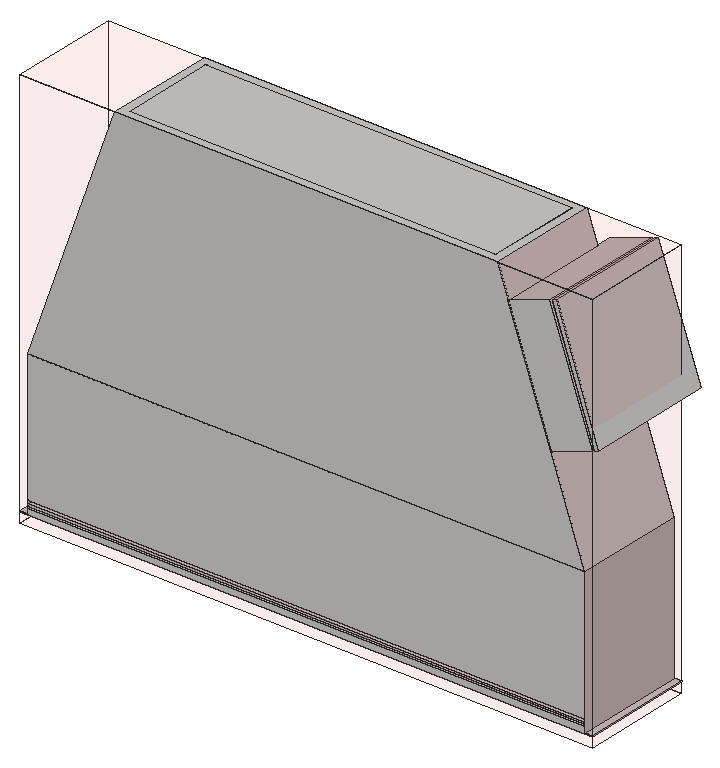
Revit family "Air-Curtain_Industrial_PoweredAire_Gas-Direct", category Mechanical Equipment, host Face, Revit 2018
Family settings
  Host = Face
  Round Connector Dimension = Use Diameter
  Part Type = Normal
  OmniClass Number = 23.75.35.17.21
  OmniClass Title = Air Curtains
  Cut with Voids When Loaded = No
  Shared = No
  Room Calculation Point = No
Parameters
  topbracket [instance] = Unit Height = 1' 4 3/4"  # no
  Warranty Duration (Years) = 0
  Unit Width Notes = "Other Widths available."  # constant formula
  Unit Width = 9' - 0"
  Unit Weight = 0
  Unit Height = 1' - 9"
  Unit Depth = 2' - 3 1/4"
  URL = "http://www.poweredaire.com/"
  Test Data = ""
  Standards Conformance = "as Specified"
  Specification = "http://www.arcat.com/sdspecs/htm04/23_34_33pai.htm"
  SpecWizard = ""
  Sound Pressure = "as Specified"
  Sales Information = "http://www.poweredaire.com/contact_us"
  Revision = "R1_2016-08"
  Projection from Host [instance] = 0' - 2"
  Product Properties = ""
  Product Data = "http://www.arcat.com/arcatcos/cos47/arc47623.html"
  Power Rating = 0 W
  Piping_Operating Pressure [instance] = 0.00 psi
  Pipe OD [instance] = 5/8"
  Overall Depth = 6' - 1 3/4"
  Nozzle Width = if(1 = 1, Unit Width - 0' 3", 0' 0")  # 8' - 9"
  Mounting Width = if(1 = 1, Unit Width - 0' 1 1/2", 0' 0")  # 8' - 10 1/2"
  Mounting Height [instance] = 3' - 6"
  Motor RPM = 0
  Motor HP = 0
  Motor Count = 0
  Model = "As Specified"
  Max Height = 0' - 0"
  Manufacturer Website = "http://www.poweredaire.com/"
  Manufacturer Phone - Toll Free = "888-321-2473"
  Manufacturer Phone = "724-588-3305"
  Manufacturer Fax = "724-588-3371"
  Manufacturer Address = "109 Mortensen Rd.  Greenville, PA 16125"
  Manufacturer = "Powered Aire, Inc"
  Maintenance Schedule (Months) = 0
  Keynote = "23 34 33"
  Intake Width = 6' - 0 1/16"
  Installation-Fabrication = ""
  Installation Phase = ""
  Include Clearance [instance] = yes
  Heating Element Load = 0 W
  Filter Weight = 0
  Front Grating Material [instance] = Metal - Steel - PoweredAire - Stainless 304 Perforated
  HVAC_Temperature Rise = 0 °F
  HVAC_Primary CFM = 0 CFM
  HVAC_Outlet Volume = 0 CFM
  HVAC_Outlet Velocity Uniformity = 0
  HVAC_Outlet Velocity = 0 FPM
  HVAC_Exit Temperature [instance] = 0 °F
  HVAC_BTU Output = 0.0 Btu/h
  HVAC_BTU Input = 0.0 Btu/h
  Green Building-LEED = "http://www.arcat.com/green/clients/leed_data_47623.html"
  Gas Connection Diameter [instance] = 0"
  Frame Finish [instance] = Metal - Steel - PoweredAire - Stainless 304
  Expected Lifespan (Years) = 0
  Exhaust Connection Diameter = 0' - 5"
  Electrical_Wattage [instance] = Power Rating + Heating Element Load  # 0 W
  Electrical_Voltage [instance] = 0 V
  Electrical_Phase [instance] = 1
  Electrical_Frequency [instance] = 0 Hz
  Electrical_Amperage [instance] = 0 A
  Drawn By = "Sumex Design, Inc. / Robert S. Weygant, CSI, CDT, SCIP"
  Description = "Powered Aire Air Curtain as Specified"
  Default Elevation = 0' - 0"  # constant formula
  Copyright = "©Arcat Inc."
  Construction Details = "http://www.arcat.com/details/powair/prod3336.html"
  Clearance_Top [instance] = 0' - 0"
  Clearance_Side B [instance] = 0' - 0"
  Clearance_Side A [instance] = 0' - 0"
  Clearance_Intake [instance] = 0' - 0"
  Clearance_Bottom [instance] = 0' - 0"
  Clearance Material [instance] = ARCAT Clearance
  Building Codes = ""
  Available Options [instance] = "as Specified"
  Assembly Code = "D3090400"
Reference planes
  plane 1 "Center (Elevation)": y = 3.51
  plane 2: z = 0
  plane 3 "Center (Left/Right)": x = 0
  plane 4 "Top": y = 270.21
  plane 5: y = -263.19
  plane 6: x = -1371.6
  plane 7: x = 1371.6
  plane 8 "Front": z = 742.95
  plane 9 "FF": y = -1063.29
  plane 10: z = 50.8
  plane 11: x = 1333.5
  plane 12: x = -1333.5
  plane 13: y = 270.21
  plane 14: y = -263.19
  plane 15: x = -1371.6
  plane 16: x = 1371.6
  plane 17: z = 1924.05
  plane 18: x = 1331.913
  plane 19: x = -1331.912
  plane 20: x = 1333.5
  plane 21: x = 1333.5
  plane 22: y = 206.71
  plane 23: y = -199.69
  plane 24: z = 1924.05
  plane 25: x = -915.194
  plane 26: x = 915.194
Forms (mm)
  Extrusion 1, solid, material "Metal - Steel - PoweredAire - Stainless 304" <- "Frame Finish"
    sketch origin (0, 0, 0) x (0, 1, 0) y (0, 0, 1)
      loop
        line (-263.19, 50.8) -> (270.21, 50.8) -> (270.21, 742.95) -> (-263.19, 742.95) -> (-263.19, 50.8)
    from -1333.5 to 1333.5
  Extrusion 2, solid, material "ARCAT Clearance" <- "Clearance Material", visible <- "Include Clearance"
    sketch origin (0, 0, 0) x (0, 1, 0) y (0, 0, 1)
      loop
        line (-263.19, 1924.05) -> (-263.19, 0) -> (270.21, 0) -> (270.21, 1924.05) -> (-263.19, 1924.05)
    from -1371.6 to 1371.6
  Extrusion 3, solid, material "Metal - Steel - PoweredAire - Stainless 304" <- "Frame Finish"
    sketch origin (-385.496, -4572, 50.8) x (-1, 0, 0) y (0, -1, 0)
      loop
        line (-1718.996, -4842.21) -> (-1718.996, -4308.81) -> (-1757.096, -4308.81) -> (-1757.096, -4842.21) -> (-1718.996, -4842.21)
      loop
        line (948.004, -4842.21) -> (986.104, -4842.21) -> (986.104, -4308.81) -> (948.004, -4308.81) -> (948.004, -4842.21)
    from 0 to 3.175
  Extrusion 4, solid, material "Metal - Steel - PoweredAire - Stainless 304" <- "Frame Finish", visible <- "topbracket"
    sketch origin (-300.688, 270.21, 1219.2) x (-1, 0, 0) y (0, 0, 1)
      loop
        line (-1634.188, -1155.7) -> (-1634.188, -1085.85) -> (-1672.288, -1085.85) -> (-1672.288, -1155.7) -> (-1634.188, -1155.7)
      loop
        line (-1634.188, -546.1) -> (-1634.188, -476.25) -> (-1672.288, -476.25) -> (-1672.288, -546.1) -> (-1634.188, -546.1)
      loop
        line (1032.812, -1155.7) -> (1070.912, -1155.7) -> (1070.912, -1085.85) -> (1032.812, -1085.85) -> (1032.812, -1155.7)
      loop
        line (1032.812, -546.1) -> (1070.912, -546.1) -> (1070.912, -476.25) -> (1032.812, -476.25) -> (1032.812, -546.1)
    from 0 to -3.175
  Extrusion 5, void
    sketch origin (0, 0, 0) x (0, 1, 0) y (0, 0, 1)
      loop
        line (-263.19, 76.2) -> (-237.79, 76.2) -> (-237.79, 114.3) -> (-263.19, 114.3) -> (-263.19, 97.136) -> (-241.519, 97.136) -> (-241.519, 90.786) -> (-263.19, 90.786) -> (-263.19, 76.2)
    from -1331.912 to 1331.913
  Extrusion 6, solid, material "Metal - Steel - PoweredAire - Stainless 304" <- "Frame Finish"
    sketch origin (0, 3.51, 0) x (1, 0, 0) y (0, 0, 1)
      loop
        line (-1333.5, 742.95) -> (1333.5, 742.95) -> (915.194, 1924.05) -> (-915.194, 1924.05) -> (-1333.5, 742.95)
    from -266.7 to 266.7
  Extrusion 7, solid, material "Metal - Steel - PoweredAire - Stainless 304 Perforated" <- "Front Grating Material"
    sketch origin (-915.194, 3.51, 1924.05) x (1, 0, 0) y (0, 1, 0)
      loop
        line (38.1, 228.6) -> (38.1, -228.6) -> (1792.288, -228.6) -> (1792.288, 228.6) -> (38.1, 228.6)
    from 0 to 0.794
  Extrusion 8, solid, material "Metal - Steel - PoweredAire - Stainless 304" <- "Frame Finish"
    sketch origin (915.194, 3.51, 1924.05) x (0.333847, 0, -0.942627) y (0, 1, 0)
      loop
        line (152.4, -266.7) -> (762, -266.7) -> (762, 342.9) -> (152.4, 342.9) -> (152.4, -266.7)
    from 0 to 244.475
  Sweep 9, void
    path in 3D
      loop
        line (1196.521, -263.19, 1862.011) -> (1400.034, -263.19, 1287.385) -> (1400.034, 346.41, 1287.385) -> (1196.521, 346.41, 1862.011) -> (1196.521, -263.19, 1862.011)
    profile origin (1196.521, 41.61, 1862.011) x (0.333847, 0, -0.942627) y (0.942627, 0, 0.333847)
      loop
        line (0, -19.05) -> (0, -31.75) -> (6.35, -31.75) -> (6.35, -19.05) -> (0, -19.05)
Cuts and joins
  Extrusion 5 cuts Extrusion 1
  Sweep 9 cuts Extrusion 8
Lines and regions (mm)
  sketch lines
    curve 1: line (1196.521, 346.41, 1862.011) -> (1196.521, -263.19, 1862.011)
    curve 2: line (1400.034, 346.41, 1287.385) -> (1196.521, 346.41, 1862.011)
    curve 3: line (1196.521, -263.19, 1862.011) -> (1400.034, -263.19, 1287.385)
    curve 4: line (1400.034, -263.19, 1287.385) -> (1400.034, 346.41, 1287.385)
Dimensions and locks
  equal spacing: plane 4 "Top", plane 1 "Center (Elevation)", plane 5
  "Unit Height": plane 4 "Top" to plane 5
  equal spacing: plane 6, plane 3 "Center (Left/Right)", plane 7
  "Unit Width": plane 6 to plane 7
  "Mounting Height": plane 1 "Center (Elevation)" to plane 9 "FF"
  "Projection from Host": plane 10 to level
  "Unit Depth": plane 8 "Front" to plane 10
  locked: plane 6 to plane 12 at 38.1
  locked: plane 11 to plane 7 at 38.1
  "Clearance_Side A": plane 7 to plane 16
  "Clearance_Side B": plane 15 to plane 6
  "Clearance_Top": plane 13 to plane 4 "Top"
  "Clearance_Bottom": plane 5 to plane 14
  "Clearance_Intake": plane 17 to plane 24
  Extrusion 5 sketch curve to Extrusion 5 sketch curve to Extrusion 5 sketch curve to Extrusion 5 sketch curve to plane 10 = 0' - 0.67575" locked, 0' - 0 1/4" locked, 0' - 0.57425" locked, 0' - 1" locked
  plane 5 to Extrusion 5 sketch curve to Extrusion 5 sketch curve = 0' - 0.85319" locked, 0' - 0.14681" locked
  locked: plane 19 to plane 12 at 1.587
  locked: plane 11 to plane 18 at 1.587
  locked: plane 20 to plane 11
  locked: plane 21 to plane 11
  locked: plane 4 "Top" to plane 22 at 63.5
  locked: plane 23 to plane 5 at 63.5
  "Overall Depth": plane 24 to plane 10
  Extrusion 4 sketch curve to Extrusion 4 sketch curve to plane 10 = 0' - 2 3/4" locked, 0' - 0 1/2" locked  (x2)
  plane 8 "Front" to Extrusion 4 sketch curve to Extrusion 4 sketch curve = 0' - 0" locked, 0' - 2 3/4" locked  (x2)
  equal spacing: plane 25, plane 3 "Center (Left/Right)", plane 26
  "Intake Width": plane 25 to plane 26
  locked: plane 4 "Top" to Extrusion 7 sketch curve at 38.1
  locked: Extrusion 7 sketch curve to plane 5 at 38.1
  locked: plane 25 to Extrusion 7 sketch curve at 38.1
  locked: Extrusion 7 sketch curve to plane 26 at 38.1
  aligned and locked: plane 2 to host face
  aligned and locked: level to host face
  aligned and locked: Extrusion 2 sketch curve to plane 17
  aligned and locked: plane 14 to Extrusion 2 sketch curve
  aligned and locked: level to Extrusion 2 sketch curve
  aligned and locked: Extrusion 2 sketch curve to plane 13
  aligned and locked: plane 16 to Extrusion 2
  aligned and locked: Extrusion 2 to plane 15
  aligned and locked: plane 11 to Extrusion 1
  aligned and locked: Extrusion 1 to plane 12
  aligned and locked: Extrusion 1 sketch curve to plane 8 "Front"
  aligned and locked: plane 18 to cut or joined group of Extrusion 1, Extrusion 5
  aligned and locked: cut or joined group of Extrusion 1, Extrusion 5 to plane 19
  aligned and locked: Extrusion 6 sketch curve to plane 8 "Front"
  aligned and locked: plane 21 to Extrusion 6 sketch curve
  aligned and locked: plane 12 to Extrusion 6 sketch curve
  aligned and locked: Extrusion 6 sketch curve to plane 24
  aligned and locked: plane 25 to Extrusion 6 sketch curve
  aligned and locked: plane 26 to Extrusion 6 sketch curve
  aligned and locked: plane 4 "Top" to Extrusion 6
  aligned and locked: Extrusion 6 to plane 5
Automatic sketch dimensions
  host sketch curve to host sketch curve = 8' - 0"  (x2)
  plane 4 "Top" to Extrusion 3 sketch curve = 0' - 0"
  Extrusion 3 sketch curve to plane 7 = 0' - 0"
  plane 5 to Extrusion 3 sketch curve = 0' - 0"
  Extrusion 3 sketch curve to plane 11 = 0' - 0"
  Extrusion 3 sketch curve to plane 4 "Top" = 0' - 0"
  Extrusion 3 sketch curve to plane 12 = 0' - 0"
  Extrusion 3 sketch curve to plane 6 = 0' - 0"
  Extrusion 3 sketch curve to plane 5 = 0' - 0"
  Extrusion 4 sketch curve to plane 7 = 0' - 0"  (x2)
  Extrusion 4 sketch curve to plane 11 = 0' - 0"  (x2)
  Extrusion 4 sketch curve to plane 12 = 0' - 0"  (x2)
  Extrusion 4 sketch curve to plane 6 = 0' - 0"  (x2)
  Extrusion 5 sketch curve to plane 5 = 0' - 0"  (x2)
  Extrusion 1 sketch curve to plane 5 = 0' - 0"
  Extrusion 1 sketch curve to plane 4 "Top" = 0' - 0"
  Extrusion 1 sketch curve to plane 10 = 0' - 0"
  Extrusion 8 sketch curve to Extrusion 6 = 0' - 3"
  Extrusion 6 to Extrusion 8 sketch curve = 1' - 7.33021"
  Extrusion 8 sketch curve to Extrusion 6 = 0' - 0"
  Extrusion 8 sketch curve to Extrusion 6 = 0' - 6"
  profile plane to Sweep 9 sketch curve = 0' - 0"
  Sweep 9 sketch curve to profile plane = 0' - 0 3/4"
  Sweep 9 sketch curve to Sweep 9 sketch curve = 0' - 0 1/2"
  Sweep 9 sketch curve to Sweep 9 sketch curve = 0' - 0 1/4"
Connectors
  electrical at (-1333.5, 3.51, 396.875), driven by "Electrical_Voltage", driven by "Electrical_Phase"
    settings: on cut or joined group of Extrusion 1, Extrusion 5, index 3, voltage 0 V, apparent load 0 VA, apparent load phase1 0 VA, apparent load phase2 0 VA, apparent load phase3 0 VA, power factor 1, load classification "Motor", number of poles 1, system type 31, power factor state 1, is connector primary yes, connector utility no, sub classification motor no, connector description ""
